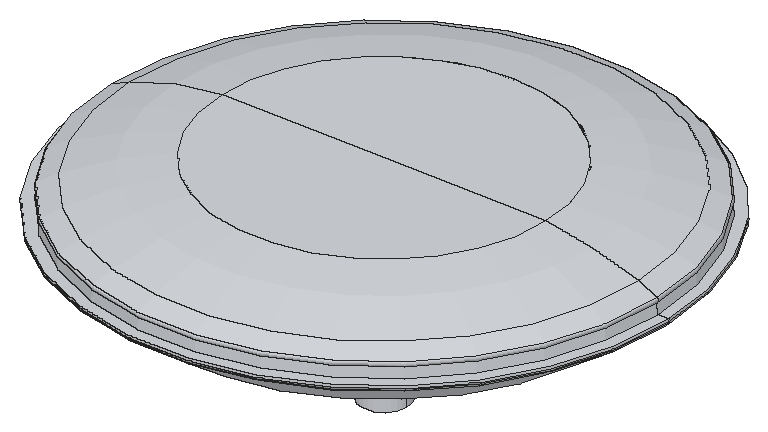
Revit family "Lighting-ArredoUrbano-GEWISS-URBAN[O3]-LED-INNESTO_LATERALE_OTTICA_STRADALE", category Apparecchi per illuminazione, host Superficie, Revit 2019
Family settings
  Host = Superficie
  Quota connettore circolare = Usa diametro
  Tipo di parte = Normale
  Numero OmniClass = 23.80.70.00
  Titolo OmniClass = Lighting
  Taglio con vuoti quando caricato = No
  Sorgente d'illuminazione = No
  Condiviso = No
  Punto di calcolo locali = Sì
Parameters (values of type "GW87628 - URBAN LED 4M 4000K BIR.IN.LAT.O.S.GRA")
  Visibility_label [instance] = yes
  Vetro = GEWISS - VETRO
  Versione file RFA = "20.11"
  Urbano 2D [instance] = yes
  URL = "https://www.gewiss.com/it/it"
  Tipologia sorgente luminosa = "LED"
  Tipologia lampada = "LED"
  Tipologia = ""
  Tipo alimentatore = "Driver Led in corrente continua"
  Tipo = ""
  Tensione: = "220/240 V - 50/60 Hz"
  Tensione = "220/240 V - 50/60 Hz - Biregime con autoapprendimento"
  Temperatura di utilizzo = "-25 +35 °C"
  Temperatura di funzionamento = "-25 +35 °C"
  Temperatura di colore: = "4000 K (CRI 70)"
  Temperatura di colore = "4000 K (CRI 70)"
  Superficie massima esposta al vento = "0,25M2"
  Spostamento_y_etichetta [instance] = 0 mm
  Spostamento_y_effettivo_etichetta [instance] = 1500 mm - Spostamento_y_etichetta  # 1500 mm
  Spostamento_x_etichetta [instance] = 0 mm
  Spostamento_x_effettivo_etichetta [instance] = 1500 mm - Spostamento_x_etichetta  # 1500 mm
  Simbolo in pianta [instance] = not(Urbano 2D)  # no
  Scheda Tecnica = "https://www.gewiss.com/it/it/search?q=GW87628"
  SEO = "Stradale"
  Rischio fotobiologico: = "RG1/RG2 @ 20cm"
  Rischio fotobiologico = "RG1/RG2 @ 20cm"
  Resistenza agli urti = "IK08 CORPO - IK06 LENTI"
  Default Elevation = 1219.2 mm
  Produttore = "GEWISS S.p.A."
  Potenza di sistema = "105W"
  Peso (kg): = "11"
  Peso (kg) = "11"
  Ottica = "Stradale - ULOR: 0%"
  Numero moduli = "4 (4x16 LED)"
  N. moduli Chorus = "4 (4x16 LED)"
  Modello = "GW87628"
  Lumen output (lm) = "11240"
  LED LifeTime (L90B20) = "50000H"
  LED LifeTime (L80B20) = "50000h"
  LED Life time (L80B10) = "100000H"
  Immagine tipo = GW87601.jpg
  IFC.TypeObject = ""
  IFC.ExportType = ""
  IFC.ExportAs = ""
  IDT = "85d5c301-9efa-429f-8169-5776374b703b"
  IDF = "e5c899be-8a49-418e-a5e5-4df4ecfe8d70"
  Grado di protezione = "IP66"
  Garanzia = "5 anni"
  FunzionalitÃ  alimentatore = "Biregime"
  Flusso nominale (lm) = "13400"
  Finitura = GEWISS - GRIGIO GRAFITE
  Distanza minima dall'oggetto illuminato = "1M"
  Descrizione = "URBAN LED 4M 4000K BIREGIME INNESTO LAT. OTTICA STRADALE GRIGIO"
  Creato da GEWISS S.p.A. = ""
  Corrente di pilotaggio LED = "530mA"
  Corrente di pilotaggio = "530mA"
  Colore = "Grigio grafite"
  Codice Electrocod = "244C"
  Codice EAN = "8011564786233"
  Classe isolamento = "II"
  Catalogo Serie = "URBAN [O3]"
  Catalogo = "LIGHTING"
  COBie.Tagnumber = ""
  COBie.CreatedOn = ""
  COBie.CreatebBy = ""
  COBie.ComponentRegisterItemID = ""
  COBie.Component.TagNumber = ""
  COBie.Component.Space = ""
  COBie.Component.SerialNumber = ""
  COBie.Component.InstallationDate = ""
  COBie.Component.Description = ""
  COBie.Component.BarCode = ""
  Applicazione = "Esterno"
  Adatto per: = "Sbracci commerciali ad innesto laterale"
  Adatto per = "Sbracci commerciali ad innesto laterale"
Types (5, lengths in mm): name | Tipologia | Tipo | Tensione | Scheda Tecnica | Potenza di sistema | Peso (kg): | Peso (kg) | Numero moduli | N. moduli Chorus | Modello | Lumen output (lm) | IDT | FunzionalitÃ  alimentatore | Flusso nominale (lm) | Descrizione | Codice EAN
  (no name) | "Stand alone" | "Stand alone" | "220/240 V - 50/60 Hz - Biregime con autoapprendimento" | "https://www.gewiss.com/it/it/search?q=GW87628" | "105W" | "11" | "11" | "4 (4x16 LED)" | "4 (4x16 LED)" | "GW87628" | "11240" | "85d5c301-9efa-429f-8169-5776374b703b" | "Biregime" | "13400" | "URBAN LED 4M 4000K BIREGIME INNESTO LAT. OTTICA STRADALE GRIGIO" | "8011564786233"
  GW87607 - URBAN LED 3M 4000K IN.LAT.O.S.GR.GRA | "Stand alone" | "Stand alone" | "220/240 V - 50/60 Hz - Stand alone e/o dimmerabile 1-10 V" | "https://www.gewiss.com/it/it/search?q=GW87607" | "81W" | "10,3" | "10,3" | "3 (3x16 LED)" | "3 (3x16 LED)" | "GW87607" | "8590" | "9533e863-66c0-4a3a-ab66-1330ae61d2b9" | "" | "10230" | "URBAN LED 3M 4000K INNESTO LAT. OTTICA STRADALE GRIGIO" | "8011564786158"
  GW87608 - URBAN LED 4M 4000K IN.LAT.O.S.GR.GRA | "Stand alone" | "Stand alone" | "220/240 V - 50/60 Hz - Stand alone e/o dimmerabile 1-10 V" | "https://www.gewiss.com/it/it/search?q=GW87608" | "105W" | "11" | "11" | "4 (4x16 LED)" | "4 (4x16 LED)" | "GW87608" | "11240" | "e1c5aab2-68ca-4525-a8b2-d185d8468581" | "" | "13400" | "URBAN LED 4M 4000K INNESTO LAT. OTTICA STRADALE GRIGIO" | "8011564786165"
  GW87627 - URBAN LED 3M 4000K BIR.IN.LAT.O.S.GRA | "" | "" | "220/240 V - 50/60 Hz - Biregime con autoapprendimento" | "https://www.gewiss.com/it/it/search?q=GW87627" | "81W" | "10,3" | "10,3" | "3 (3x16 LED)" | "3 (3x16 LED)" | "GW87627" | "8590" | "bfad7b08-59a5-45f9-8f55-5a66d02e221f" | "Biregime" | "10230" | "URBAN LED 3M 4000K BIREGIME INNESTO LAT. OTTICA STRADALE GRIGIO" | "8011564786226"
  GW87628 - URBAN LED 4M 4000K BIR.IN.LAT.O.S.GRA | "" | "" | "220/240 V - 50/60 Hz - Biregime con autoapprendimento" | "https://www.gewiss.com/it/it/search?q=GW87628" | "105W" | "11" | "11" | "4 (4x16 LED)" | "4 (4x16 LED)" | "GW87628" | "11240" | "85d5c301-9efa-429f-8169-5776374b703b" | "Biregime" | "13400" | "URBAN LED 4M 4000K BIREGIME INNESTO LAT. OTTICA STRADALE GRIGIO" | "8011564786233"
Reference planes
  plane 1 "Centro (Fronte/Retro)": y = 0
  plane 2: z = 0
  plane 3 "Centro (Sinistra/Destra)": x = 0
  plane 4: x = -1500
  plane 5: y = -1500
  plane 6: x = 0
  plane 7: y = 0
Lines and regions (mm)
  Masking region 1, visible <- "Urbano 2D"
    outline origin (0, 0, 0) x (1, 0, 0) y (0, 1, 0)
      loop
        circle (0, 0) r 285
  symbolic lines, visible <- "Urbano 2D"
    curve 1: circle (0.023, 0, 0) r 185 normal (0, 0, 1)
Dimensions and locks
  plane 4 to plane 3 "Centro (Sinistra/Destra)" = 1500 mm
  "Spostamento_x_effettivo_etichetta": plane 4 to plane 6
  plane 1 "Centro (Fronte/Retro)" to plane 5 = 1500 mm
  "Spostamento_y_effettivo_etichetta": plane 7 to plane 5
  aligned and locked: plane 2 to host face
  aligned and locked: level to host face
  aligned and locked: plane 3 "Centro (Sinistra/Destra)" to nested 1
  aligned and locked: plane 3 "Centro (Sinistra/Destra)" to nested 2
  aligned and locked: plane 1 "Centro (Fronte/Retro)" to nested 2
  aligned and locked: nested 2 to host face
  aligned and locked: plane 6 to nested 3
  aligned and locked: nested 3 to plane 7
Automatic sketch dimensions
  host sketch curve to host sketch curve = 2438.4 mm  (x2)
  plane 1 "Centro (Fronte/Retro)" to Masking region 1 sketch curve = 0 mm
  Masking region 1 sketch curve to plane 3 "Centro (Sinistra/Destra)" = 0 mm
  plane 1 "Centro (Fronte/Retro)" to curve 1 = 0 mm
  plane 3 "Centro (Sinistra/Destra)" to curve 1 = 0.023 mm
  radius of Masking region 1 sketch curve = 285 mm
  radius of curve 1 = 185 mm
Nested families
  nested 1: "URBANO_annotazione" at (0, 0, 0), visible <- "Simbolo in pianta", type "URBANO_annotazione"
  nested 2: "Generico - URBAN[O3] ILLUM URBANA LED INNESTO LAT OTTICA STRAD" at (0, 0, 215.679) x (1, 0, 0) z (0, 0, -1), type "Generico - URBAN[O3] ILLUM URBANA LED INNESTO LAT OTTICA STRAD"
  nested 3: "ETICHETTA LIGHT" at (0, 0, 0), visible <- "Visibility_label", type "ETICHETTA LIGHT"
Definition of nested family "Generico - URBAN[O3] ILLUM URBANA LED INNESTO LAT OTTICA STRAD"
  Parameters (values of type "Generico - URBAN[O3] ILLUM URBANA LED INNESTO LAT OTTICA STRAD")
    Default Elevation = 1219.2 mm
  Reference planes
    plane 1 "Centro (Fronte/Retro)": y = 0
    plane 2: z = 0
    plane 3 "Centro (Sinistra/Destra)": x = 0
    plane 4: z = 33.903
    plane 5: z = 44.56
    plane 6: z = 150.179
    plane 7: z = 175.679
    plane 8: z = 195.679
    plane 9: z = 215.679
    plane 10: x = -22.868
    plane 11: x = -28.868
    plane 12: x = -32.868
  Forms (mm)
    Revolve 1, solid
      sketch origin (0, 0, 0) x (1, 0, 0) y (0, 0, 1)
        loop
          line (0, 145.179) -> (-39.848, 145.179) -> (-43.403, 143.885)
          arc (-43.403, 143.885) -> (-170.03, 116.692) -> (-281.867, 51.376) r 410.213
          arc (-281.867, 51.376) -> (-283.095, 50.238) -> (-284.305, 49.08) r 104.477
          arc (-284.305, 49.08) -> (-284.915, 48.205) -> (-285.157, 47.166) r 2.821
          line (-285.157, 47.166) -> (-285.157, 44.56) -> (0, 44.56) -> (0, 145.179)
        axis (0, 145.179) -> (0, 44.56)
      angle from 0 to 360
    Revolve 2, solid
      sketch origin (0, 0, 0) x (1, 0, 0) y (0, 0, 1)
        loop
          line (0, 44.56) -> (-273.995, 44.56) -> (-273.274, 33.903)
          arc (-273.274, 33.903) -> (-274.138, 31.863) -> (-273.281, 29.819) r 2.854
          arc (-273.281, 29.819) -> (-264.038, 25.43) -> (-254.645, 21.373) r 286.239
          arc (-254.645, 21.373) -> (-209.229, 6.908) -> (-162.069, 0) r 292.91
          line (-162.069, 0) -> (0, 0) -> (0, 44.56)
        axis (0, 44.56) -> (0, 0)
      angle from 0 to 360
    Revolve 3, solid
      sketch origin (0, 0, 0) x (1, 0, 0) y (0, 0, 1)
        loop
          line (-28.868, 195.679) -> (-28.868, 175.679) -> (-32.868, 175.679) -> (-32.868, 150.179) -> (0, 150.179) -> (0, 215.679) -> (-22.868, 215.679) -> (-22.868, 195.679) -> (-28.868, 195.679)
        axis (0, 215.679) -> (0, 150.179)
      angle from 0 to 360
  Lines and regions (mm)
    model lines
      curve 1: line (0, 0, 149.579) -> (0, 0, 134.579)
  Dimensions and locks
    locked: plane 5 to plane 4 at 10.656
    plane 4 to plane 2 = 33.903 mm
    locked: plane 7 to plane 6 at 25.5
    locked: plane 8 to plane 7 at 20
    locked: plane 9 to plane 8 at 20
    locked: plane 3 "Centro (Sinistra/Destra)" to plane 10 at 22.868
    locked: plane 11 to plane 10 at 6
    locked: plane 12 to plane 11 at 4
    aligned and locked: level to plane 2
    aligned and locked: Revolve 1 sketch curve to plane 5
    aligned and locked: Revolve 1 sketch curve to plane 3 "Centro (Sinistra/Destra)"
    aligned and locked: Revolve 2 sketch curve to plane 5
    aligned and locked: Revolve 2 sketch curve to level
    aligned and locked: Revolve 2 sketch curve to plane 3 "Centro (Sinistra/Destra)"
    aligned and locked: Revolve 3 sketch curve to plane 8
    aligned and locked: Revolve 3 sketch curve to plane 7
    aligned and locked: Revolve 3 sketch curve to plane 6
    aligned and locked: Revolve 3 sketch curve to plane 3 "Centro (Sinistra/Destra)"
    aligned and locked: Revolve 3 sketch curve to plane 10
    aligned and locked: Revolve 3 sketch curve to plane 11
    aligned and locked: Revolve 3 sketch curve to plane 12
    aligned and locked: Revolve 3 sketch curve to plane 9
Definition of nested family "URBANO_annotazione"
  Reference planes
    plane 1: y = 0
    plane 2: x = 0
  Lines and regions (mm)
    detail lines
      curve 1: circle (0.023, 0.036, 0) r 2.492 normal (0, 0, 1)
      curve 2: line (-1.739, 1.798, 0) -> (1.785, -1.726, 0)
      curve 3: line (-1.739, -1.726, 0) -> (1.785, 1.798, 0)
Definition of nested family "ETICHETTA LIGHT"
  Parameters (values of type "ETICHETTA LIGHT")
    COMMENTI = "32W"
  Reference planes
    plane 1: y = 0
    plane 2: x = 0
  Text (mm)
    label "COMMENTI" at (-0.057, 0.105, 0), shows "COMMENTI"
